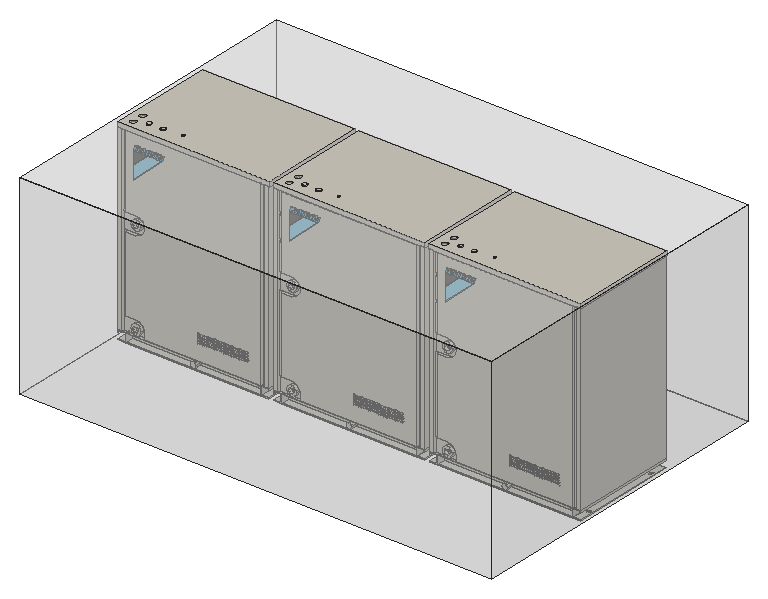
Revit family "outputfile", category 機械設備, Revit 2024 (continued)
Definition of nested family "DAIKIN_outdoorunit_RWEYQ-TYM"
  Definition of nested family "outdoorunit_frontpanel"
    Dimensions and locks
      locked: Extrusion 3 sketch curve to Extrusion 3 sketch curve at 390
      locked: plane 6 to Extrusion 4 sketch curve at 2
      locked: plane 10 "Center L/T" to plane 1 "Center (Front/Back)" at 5
      aligned and locked: level to plane 2 "Bottom"
      aligned and locked: plane 8 "Left" to Extrusion 1 sketch curve
      aligned and locked: Extrusion 1 sketch curve to plane 4 "Back"
      aligned and locked: plane 5 "Front" to Extrusion 1 sketch curve
      aligned and locked: Extrusion 1 to plane 2 "Bottom"
      aligned and locked: plane 7 "Top" to Extrusion 1
      aligned and locked: plane 3 to plane 8 "Left"
      aligned and locked: plane 8 "Left" to Extrusion 2 sketch curve
      aligned and locked: Extrusion 2 sketch curve to plane 7 "Top"
      aligned and locked: plane 2 "Bottom" to Extrusion 2 sketch curve
      aligned and locked: Extrusion 2 sketch curve to plane 2 "Bottom"
      aligned and locked: plane 6 to Extrusion 2 sketch curve
      aligned and locked: plane 7 "Top" to Extrusion 2 sketch curve
      aligned and locked: Extrusion 2 to plane 1 "Center (Front/Back)"
      aligned and locked: plane 9 "Center L/S" to Extrusion 3
      aligned and locked: Extrusion 4 sketch curve to plane 7 "Top"
      aligned and locked: plane 2 "Bottom" to Extrusion 4 sketch curve
      aligned and locked: Extrusion 4 to plane 9 "Center L/S"
      aligned and locked: Extrusion 5 to plane 5 "Front"
      aligned and locked: plane 9 "Center L/S" to Extrusion 5
      aligned and locked: Extrusion 6 to plane 10 "Center L/T"
    Automatic sketch dimensions
      Extrusion 1 sketch curve to plane 6 = 0.0 mm
      Extrusion 3 sketch curve to plane 7 "Top" = 0.0 mm
      plane 3 to Extrusion 3 sketch curve = 2.0 mm  (x4)
      plane 3 to Extrusion 3 sketch curve = 10.5 mm
      Extrusion 3 sketch curve to Extrusion 3 sketch curve = 71.0 mm
      level to Extrusion 3 sketch curve = 31.0 mm
      Extrusion 3 sketch curve to plane 3 = 33.0 mm
      plane 6 to Extrusion 4 sketch curve = 236.161 mm
      Extrusion 5 sketch curve to Extrusion 5 sketch curve = 0.0 mm  (x4)
      plane 3 to Extrusion 5 sketch curve = 73.0 mm  (x2)
      level to Extrusion 5 sketch curve = 31.0 mm
      Extrusion 5 sketch curve to plane 7 "Top" = 420.0 mm
      level to Extrusion 6 sketch curve = 131.0 mm
      Extrusion 6 sketch curve to plane 6 = 345.2 mm
      Extrusion 6 sketch curve to Extrusion 6 sketch curve = 0.0 mm  (x40)
      Extrusion 6 sketch curve to Extrusion 6 sketch curve = 42.7 mm  (x2)
      Extrusion 6 sketch curve to Extrusion 6 sketch curve = 1.0 mm  (x32)
      Extrusion 6 sketch curve to Extrusion 6 sketch curve = 42.2 mm  (x4)
      Extrusion 6 sketch curve to Extrusion 6 sketch curve = 12.25 mm  (x7)
      Extrusion 6 sketch curve to Extrusion 6 sketch curve = 11.75 mm  (x9)
      radius of Extrusion 5 sketch curve = 25.0 mm  (x2)
      radius of Extrusion 5 sketch curve = 15.5 mm  (x2)
  Definition of nested family "outdoorunit_rightpanel1"
    Parameters (values of type "frontpanel1")
      width = 550.0 mm
      material [instance] = none
      height1 = 931.0 mm
      depth = 20.0 mm
      Default Elevation = 0.0 mm
    Reference planes
      plane 1 "Center (Front/Back)": y = 0
      plane 2 "Bottom": z = 0
      plane 3: x = 0
      plane 4 "Back": y = 10
      plane 5 "Front": y = -10
      plane 6: x = 550
      plane 7 "Top": z = 931
      plane 8 "Left": x = 0
      plane 9: y = -8.75
      plane 10: z = 639
      plane 11: y = -5.75
      plane 12: y = -2.551
      plane 13: y = -13
      plane 14: x = 275
    Forms (mm)
      Extrusion 1, solid, material <- "material"
        sketch origin (0, 0, 0) x (1, 0, 0) y (0, 1, 0)
          loop
            line (0, 10) -> (0, -10) -> (550, -10) -> (550, 10) -> (0, 10)
        from 0 to 931
    Dimensions and locks
      equal spacing: plane 4 "Back", plane 1 "Center (Front/Back)", plane 5 "Front"
      "depth": plane 4 "Back" to plane 5 "Front"
      "width": plane 8 "Left" to plane 6
      "height1": plane 7 "Top" to plane 2 "Bottom"
      locked: plane 10 to plane 2 "Bottom" at 639
      locked: plane 12 to plane 11 at 3.199
      plane 5 "Front" to plane 13 = 3.0 mm
      equal spacing: plane 8 "Left", plane 14, plane 6
      aligned and locked: level to plane 2 "Bottom"
      aligned and locked: plane 8 "Left" to Extrusion 1 sketch curve
      aligned and locked: Extrusion 1 sketch curve to plane 4 "Back"
      aligned and locked: plane 5 "Front" to Extrusion 1 sketch curve
      aligned and locked: Extrusion 1 to plane 2 "Bottom"
      aligned and locked: plane 7 "Top" to Extrusion 1
      aligned and locked: plane 3 to plane 8 "Left"
    Automatic sketch dimensions
      Extrusion 1 sketch curve to plane 6 = 0.0 mm
  Definition of nested family "outdoorunit_backpanel"
    Parameters (values of type "frontpanel1")
      width = 736.0 mm
      material [instance] = none
      height1 = 931.0 mm
      depth = 20.0 mm
      Default Elevation = 0.0 mm
    Reference planes
      plane 1 "Center (Front/Back)": y = 0
      plane 2 "Bottom": z = 0
      plane 3: x = 0
      plane 4 "Back": y = 10
      plane 5 "Front": y = -10
      plane 6: x = 736
      plane 7 "Top": z = 931
      plane 8 "Left": x = 0
      plane 9: z = 639
      plane 10: x = 368
    Forms (mm)
      Extrusion 1, solid, material <- "material"
        sketch origin (0, 0, 0) x (1, 0, 0) y (0, 1, 0)
          loop
            line (0, 10) -> (0, -10) -> (736, -10) -> (736, 10) -> (0, 10)
        from 0 to 931
      Extrusion 2, void
        sketch origin (0, 0, 0) x (1, 0, 0) y (0, 1, 0)
          loop
            line (0, -4) -> (0, -10) -> (21, -10) -> (21, -7) -> (2, -7) -> (2, -4) -> (0, -4)
          loop
            line (736, -4) -> (734, -4) -> (734, -7) -> (715, -7) -> (715, -10) -> (736, -10) -> (736, -4)
        from 0 to 931
    Cuts and joins
      Extrusion 2 cuts Extrusion 1
    Dimensions and locks
      equal spacing: plane 4 "Back", plane 1 "Center (Front/Back)", plane 5 "Front"
      "depth": plane 4 "Back" to plane 5 "Front"
      "width": plane 8 "Left" to plane 6
      "height1": plane 7 "Top" to plane 2 "Bottom"
      locked: plane 9 to plane 2 "Bottom" at 639
      equal spacing: plane 8 "Left", plane 10, plane 6
      aligned and locked: level to plane 2 "Bottom"
      aligned and locked: plane 8 "Left" to Extrusion 1 sketch curve
      aligned and locked: Extrusion 1 sketch curve to plane 4 "Back"
      aligned and locked: plane 5 "Front" to Extrusion 1 sketch curve
      aligned and locked: Extrusion 1 to plane 2 "Bottom"
      aligned and locked: plane 7 "Top" to Extrusion 1
      aligned and locked: plane 3 to plane 8 "Left"
    Automatic sketch dimensions
      Extrusion 1 sketch curve to plane 6 = 0.0 mm
      Extrusion 2 sketch curve to plane 3 = 0.0 mm
      Extrusion 2 sketch curve to plane 5 "Front" = 0.0 mm  (x2)
      Extrusion 2 sketch curve to plane 6 = 0.0 mm
      plane 3 to Extrusion 2 sketch curve = 2.0 mm
      Extrusion 2 sketch curve to Extrusion 2 sketch curve = 19.0 mm
      Extrusion 2 sketch curve to Extrusion 2 sketch curve = 21.0 mm
      Extrusion 2 sketch curve to plane 6 = 2.0 mm
      Extrusion 2 sketch curve to Extrusion 2 sketch curve = 3.0 mm  (x4)
  Definition of nested family "outdoorunit_leftpanel"
    Parameters (values of type "frontpanel1")
      width = 550.0 mm
      material [instance] = none
      height1 = 931.0 mm
      depth = 20.0 mm
      Default Elevation = 0.0 mm
    Reference planes
      plane 1 "Center (Front/Back)": y = 0
      plane 2 "Bottom": z = 0
      plane 3: x = 0
      plane 4 "Back": y = 10
      plane 5 "Front": y = -10
      plane 6: x = 550
      plane 7 "Top": z = 931
      plane 8 "Left": x = 0
      plane 9: y = -8.75
      plane 10: z = 639
      plane 11: y = -5.75
      plane 12: y = -2.551
      plane 13: y = -13
      plane 14: x = 275
    Forms (mm)
      Extrusion 1, solid, material <- "material"
        sketch origin (0, 0, 0) x (1, 0, 0) y (0, 1, 0)
          loop
            line (0, 10) -> (0, -10) -> (550, -10) -> (550, 10) -> (0, 10)
        from 0 to 931
    Dimensions and locks
      equal spacing: plane 4 "Back", plane 1 "Center (Front/Back)", plane 5 "Front"
      "depth": plane 4 "Back" to plane 5 "Front"
      "width": plane 8 "Left" to plane 6
      "height1": plane 7 "Top" to plane 2 "Bottom"
      locked: plane 10 to plane 2 "Bottom" at 639
      locked: plane 12 to plane 11 at 3.199
      plane 5 "Front" to plane 13 = 3.0 mm
      equal spacing: plane 8 "Left", plane 14, plane 6
      aligned and locked: level to plane 2 "Bottom"
      aligned and locked: plane 8 "Left" to Extrusion 1 sketch curve
      aligned and locked: Extrusion 1 sketch curve to plane 4 "Back"
      aligned and locked: plane 5 "Front" to Extrusion 1 sketch curve
      aligned and locked: Extrusion 1 to plane 2 "Bottom"
      aligned and locked: plane 7 "Top" to Extrusion 1
      aligned and locked: plane 3 to plane 8 "Left"
    Automatic sketch dimensions
      Extrusion 1 sketch curve to plane 6 = 0.0 mm
  Definition of nested family "outdoorunit_uppanel"
    Parameters (values of type "frontpanel1")
      width = 780.0 mm
      material [instance] = none
      height1 = 550.0 mm
      depth = 24.0 mm
      Default Elevation = 0.0 mm
    Reference planes
      plane 1 "Center (Front/Back)": y = 0
      plane 2 "Bottom": z = 0
      plane 3: x = 0
      plane 4 "Back": y = 12
      plane 5 "Front": y = -12
      plane 6: x = 780
      plane 7 "Top": z = 550
      plane 8 "Left": x = 0
      plane 9: y = -8.75
      plane 10: z = 639
      plane 11: y = -5.75
      plane 12: y = -2.551
    Forms (mm)
      Extrusion 1, solid, material <- "material"
        sketch origin (0, 0, 0) x (1, 0, 0) y (0, 1, 0)
          loop
            line (0, 12) -> (0, -12) -> (780, -12) -> (780, 12) -> (0, 12)
        from 0 to 550
      Extrusion 2, void
        sketch origin (0, 0, 0) x (1, 0, 0) y (0, 0, 1)
          loop
            circle (51, 38) r 14.5
          loop
            circle (51, 98) r 14.5
        from 9 to 12
    Cuts and joins
      Extrusion 2 cuts Extrusion 1
    Dimensions and locks
      equal spacing: plane 4 "Back", plane 1 "Center (Front/Back)", plane 5 "Front"
      "depth": plane 4 "Back" to plane 5 "Front"
      "width": plane 8 "Left" to plane 6
      "height1": plane 7 "Top" to plane 2 "Bottom"
      locked: plane 10 to plane 2 "Bottom" at 639
      locked: Extrusion 2 sketch curve to plane 8 "Left" at 51  (x2)
      locked: Extrusion 2 sketch curve to level at 38
      locked: Extrusion 2 sketch curve to Extrusion 2 sketch curve at 60
      aligned and locked: level to plane 2 "Bottom"
      aligned and locked: plane 8 "Left" to Extrusion 1 sketch curve
      aligned and locked: Extrusion 1 sketch curve to plane 4 "Back"
      aligned and locked: Extrusion 1 sketch curve to plane 5 "Front"
      aligned and locked: Extrusion 1 to plane 2 "Bottom"
      aligned and locked: plane 7 "Top" to Extrusion 1
      aligned and locked: plane 3 to plane 8 "Left"
    Automatic sketch dimensions
      Extrusion 1 sketch curve to plane 6 = 0.0 mm
      radius of Extrusion 2 sketch curve = 14.5 mm  (x2)
  Definition of nested family "outdoorunit_downpanel"
    Parameters (values of type "frontpanel1")
      width = 736.0 mm
      material [instance] = none
      height1 = 510.0 mm
      depth = 20.0 mm
      Default Elevation = 0.0 mm
    Reference planes
      plane 1 "Center (Front/Back)": y = 0
      plane 2 "Bottom": z = 0
      plane 3: x = 0
      plane 4 "Back": y = 10
      plane 5 "Front": y = -10
      plane 6: x = 736
      plane 7 "Top": z = 510
      plane 8 "Left": x = 0
      plane 9: z = 255
      plane 10: y = -18
      plane 11: y = 6
      plane 12: y = 8
      plane 13: x = 368
    Forms (mm)
      Extrusion 1, solid, material <- "material"
        sketch origin (0, 0, 0) x (1, 0, 0) y (0, 1, 0)
          loop
            line (0, 10) -> (0, -10) -> (736, -10) -> (736, 10) -> (0, 10)
        from 0 to 510
    Dimensions and locks
      equal spacing: plane 4 "Back", plane 1 "Center (Front/Back)", plane 5 "Front"
      "depth": plane 4 "Back" to plane 5 "Front"
      "width": plane 8 "Left" to plane 6
      "height1": plane 7 "Top" to plane 2 "Bottom"
      plane 4 "Back" to plane 11 = 4.0 mm
      plane 4 "Back" to plane 12 = 2.0 mm
      equal spacing: plane 8 "Left", plane 13, plane 6
      equal spacing: plane 7 "Top", plane 9, plane 2 "Bottom"
      aligned and locked: level to plane 2 "Bottom"
      aligned and locked: plane 8 "Left" to Extrusion 1 sketch curve
      aligned and locked: Extrusion 1 sketch curve to plane 4 "Back"
      aligned and locked: plane 5 "Front" to Extrusion 1 sketch curve
      aligned and locked: Extrusion 1 to plane 2 "Bottom"
      aligned and locked: plane 7 "Top" to Extrusion 1
      aligned and locked: plane 3 to plane 8 "Left"
    Automatic sketch dimensions
      Extrusion 1 sketch curve to plane 6 = 0.0 mm
  Definition of nested family "daikin_mountinghole"
    Parameters (values of type "daikin_mountinghole")
      Default Elevation = 1219.2 mm
      Type Comments = "mountinghole"
      show [instance] = yes
      material = none
      l_centerline = 100.0 mm
      l_antenna [instance] = 100.0 mm
      h_mountinghole [instance] = 0.0 mm
      d_circle = 30.0 mm
      Link_Nested Family [instance] = ""
    Reference planes
      plane 1 "Center (Front/Back)": y = 0
      plane 2: z = 0
      plane 3 "Center (Left/Right)": x = 0
      plane 4: y = 50
      plane 5: x = -50
      plane 6: x = 50
      plane 7: y = -50
      plane 8 "h_mountinghole": z = 0
      plane 9: z = 100
    Lines and regions (mm)
      model lines, detail levels fine
        curve 1: circle (0, 0, 0) r 15 normal (0, 0, 1)
        curve 2: line (-50, 0, 0) -> (50, 0, 0)
        curve 3: line (0, 50, 0) -> (0, -50, 0)
      symbolic lines, detail levels fine
        curve 4: circle (0, 0, 0) r 15 normal (0, 0, 1)
        curve 5: line (-50, 0, 0) -> (50, 0, 0)
        curve 6: line (0, 50, 0) -> (0, -50, 0)
      model lines
        curve 7: line (0, 0, 100) -> (0, 0, 0)
    Dimensions and locks
      equal spacing: plane 4, plane 1 "Center (Front/Back)", plane 7
      "l_centerline": plane 4 to plane 7
      equal spacing: plane 5, plane 3 "Center (Left/Right)", plane 6
      "l_centerline": plane 5 to plane 6
      "l_antenna": plane 9 to plane 8 "h_mountinghole"
      "h_mountinghole": plane 8 "h_mountinghole" to plane 2
      "d_circle": diameter of curve 1
      "d_circle": diameter of curve 4
      aligned and locked: level to plane 2
      aligned and locked: plane 1 "Center (Front/Back)" to curve 1
      aligned and locked: plane 3 "Center (Left/Right)" to curve 1
      aligned and locked: plane 1 "Center (Front/Back)" to curve 2
      aligned and locked: curve 3 to plane 3 "Center (Left/Right)"
      aligned and locked: plane 6 to curve 2
      aligned and locked: plane 5 to curve 2
      aligned and locked: plane 4 to curve 3
      aligned and locked: plane 7 to curve 3
      aligned and locked: plane 1 "Center (Front/Back)" to curve 4
      aligned and locked: plane 3 "Center (Left/Right)" to curve 4
      aligned and locked: plane 6 to curve 5
      aligned and locked: plane 5 to curve 5
      aligned and locked: plane 1 "Center (Front/Back)" to curve 5
      aligned and locked: plane 4 to curve 6
      aligned and locked: plane 7 to curve 6
      aligned and locked: curve 6 to plane 3 "Center (Left/Right)"
      aligned and locked: curve 7 to plane 3 "Center (Left/Right)"
      aligned and locked: plane 9 to curve 7
      aligned and locked: plane 8 "h_mountinghole" to curve 7
Definition of nested family "daikin_clearancespace"
  Parameters (values of type "daikin_clearancespace")
    Description = "daikin_clearancespace"
    width [instance] = 1823.963 mm
    show [instance] = yes
    material = none
    height [instance] = 1359.762 mm
    depth [instance] = 880.0 mm
    Default Elevation = 0.0 mm
    Link_Nested Family [instance] = ""
  Reference planes
    plane 1 "Center (Front/Back)": y = 0
    plane 2 "Center (Elevation)": z = -0.119
    plane 3 "Center (Left/Right)": x = 0
    plane 4: y = 440
    plane 5: y = -440
    plane 6 "Right": x = 911.982
    plane 7 "Left": x = -911.982
    plane 8 "Top": z = 679.762
    plane 9 "Bottom": z = -680
  Forms (mm)
    Extrusion 1, solid, material <- "material", visible <- "show"
      sketch origin (0, 0, 0) x (1, 0, 0) y (0, 1, 0)
        loop
          line (-911.982, 440) -> (-911.982, -440) -> (911.982, -440) -> (911.982, 440) -> (-911.982, 440)
      from -680 to 679.762
  Lines and regions (mm)
    symbolic lines, visible <- "show"
      curve 1: line (911.982, 440, 0) -> (-911.982, 440, 0)
      curve 2: line (-911.982, 440, 0) -> (-911.982, -440, 0)
      curve 3: line (-911.982, -440, 0) -> (911.982, -440, 0)
      curve 4: line (911.982, -440, 0) -> (911.982, 440, 0)
      curve 5: line (911.982, 0, 679.762) -> (-911.982, 0, 679.762)
      curve 6: line (911.982, 0, -680) -> (911.982, 0, 679.762)
      curve 7: line (-911.982, 0, -680) -> (911.982, 0, -680)
      curve 8: line (-911.982, 0, 679.762) -> (-911.982, 0, -680)
      curve 9: line (0, 440, 679.762) -> (0, -440, 679.762)
      curve 10: line (0, -440, 679.762) -> (0, -440, -680)
      curve 11: line (0, 440, -680) -> (0, 440, 679.762)
      curve 12: line (0, -440, -680) -> (0, 440, -680)
  Dimensions and locks
    "width": plane 7 "Left" to plane 6 "Right"
    "depth": plane 4 to plane 5
    "height": plane 8 "Top" to plane 9 "Bottom"
    equal spacing: plane 7 "Left", plane 3 "Center (Left/Right)", plane 6 "Right"
    equal spacing: plane 4, plane 1 "Center (Front/Back)", plane 5
    equal spacing: plane 8 "Top", plane 2 "Center (Elevation)", plane 9 "Bottom"
    aligned and locked: level to plane 2 "Center (Elevation)"
    aligned and locked: Extrusion 1 sketch curve to plane 4
    aligned and locked: plane 7 "Left" to Extrusion 1 sketch curve
    aligned and locked: Extrusion 1 sketch curve to plane 5
    aligned and locked: Extrusion 1 sketch curve to plane 6 "Right"
    aligned and locked: plane 8 "Top" to Extrusion 1
    aligned and locked: curve 1 to Extrusion 1
    aligned and locked: curve 2 to Extrusion 1
    aligned and locked: curve 3 to Extrusion 1
    aligned and locked: curve 4 to Extrusion 1
    aligned and locked: curve 5 to Extrusion 1
    aligned and locked: curve 6 to Extrusion 1
    aligned and locked: curve 7 to Extrusion 1
    aligned and locked: curve 8 to Extrusion 1
    aligned and locked: curve 9 to Extrusion 1
    aligned and locked: curve 10 to Extrusion 1
    aligned and locked: curve 11 to Extrusion 1
    aligned and locked: curve 12 to Extrusion 1
    aligned and locked: Extrusion 1 to plane 9 "Bottom"
Definition of nested family "daikin_logo_elevation_w150"
  Parameters (values of type "daikin_logo_elevation_w150")
    width = 150.0 mm
    show_logo [instance] = yes
    material = none
    height = 180.0 mm
    depth = 5.0 mm
    Default Elevation = 0.0 mm
  Reference planes
    plane 1 "Center (Front/Back)": y = 0
    plane 2: z = 0
    plane 3 "Center (Left/Right)": x = 0
    plane 4 "top": z = 180
    plane 5: z = 155.432
    plane 6 "left": x = -90
    plane 7 "right": x = 60
    plane 8: y = -5
  Forms (mm)
    Extrusion 1, solid, visible <- "show_logo"
      sketch origin (0, 0, 0) x (1, 0, 0) y (0, 0, 1)
        loop
          line (-90, 22.832) -> (54.211, 155.432) -> (-19.804, 155.432) -> (-90, 91.131) -> (-90, 22.832)
      from 0 to 5
    Extrusion 2, solid, visible <- "show_logo"
      sketch origin (0, 0, 0) x (1, 0, 0) y (0, 0, 1)
        loop
          line (-90, 155.432) -> (-90, 91.131) -> (-19.804, 155.432) -> (-90, 155.432)
      from 0 to 5
    Extrusion 3, solid, visible <- "show_logo"
      sketch origin (0, 0, 0) x (1, 0, 0) y (0, 0, 1)
        loop
          line (-73.294, 180) -> (-84.431, 180) -> (-90, 157.726) -> (-73.294, 157.726)
          arc (-73.294, 157.726) -> (-66.673, 159.069) -> (-61.582, 163.51) r 13.209
          arc (-61.582, 163.51) -> (-59.344, 169.288) -> (-60.109, 175.436) r 12.685
          arc (-60.109, 175.436) -> (-61.683, 177.678) -> (-64.031, 179.088) r 6.606
          arc (-64.031, 179.088) -> (-68.629, 179.878) -> (-73.294, 180) r 32.396
        loop
          line (-78.863, 162.18) -> (-74.408, 162.18)
          arc (-74.408, 162.18) -> (-70.986, 164.473) -> (-69.002, 168.082) r 8.708
          arc (-69.002, 168.082) -> (-68.734, 170.84) -> (-69.386, 173.533) r 8.337
          arc (-69.386, 173.533) -> (-70.358, 174.487) -> (-71.624, 174.988) r 3.442
          line (-71.624, 174.988) -> (-76.078, 174.988) -> (-78.863, 162.18)
        loop
          line (-61.043, 157.726) -> (-54.918, 157.726) -> (-52.829, 161.624) -> (-44.059, 161.624) -> (-43.223, 157.726) -> (-33.2, 157.726) -> (-37.655, 180) -> (-48.792, 180) -> (-61.043, 157.726)
        loop
          line (-50.145, 166.635) -> (-45.133, 166.635) -> (-46.565, 173.318) -> (-50.145, 166.635)
        loop
          line (-24.847, 180) -> (-30.416, 157.726) -> (-20.949, 157.726) -> (-15.38, 180) -> (-24.847, 180)
        loop
          line (-15.38, 157.726) -> (-5.914, 157.726) -> (-4.4, 163.779) -> (0.212, 157.726) -> (11.906, 157.726) -> (2.996, 169.42) -> (15.804, 180) -> (5.78, 180) -> (-1.94, 173.623) -> (-0.345, 180) -> (-9.812, 180) -> (-15.38, 157.726)
        loop
          line (20.259, 180) -> (14.133, 157.726) -> (24.157, 157.726) -> (29.725, 180) -> (20.259, 180)
        loop
          line (29.725, 157.726) -> (36.408, 157.726) -> (39.555, 170.315) -> (43.647, 157.726) -> (54.784, 157.726) -> (60.353, 180) -> (53.671, 180) -> (50.281, 166.442) -> (45.874, 180) -> (35.294, 180) -> (29.725, 157.726)
      from 0 to 5
  Dimensions and locks
    "height": plane 4 "top" to plane 2
    locked: plane 4 "top" to plane 5 at 24.568
    "width": plane 6 "left" to plane 7 "right"
    "depth": plane 8 to plane 1 "Center (Front/Back)"
    aligned and locked: level to plane 2
    aligned and locked: plane 4 "top" to Extrusion 3  (x8)
    aligned and locked: plane 5 to Extrusion 1
    aligned and locked: plane 5 to Extrusion 2
    aligned and locked: plane 6 "left" to Extrusion 2
    aligned and locked: plane 6 "left" to Extrusion 1
    aligned and locked: Extrusion 3 to plane 8
    aligned and locked: Extrusion 1 to plane 8
    aligned and locked: Extrusion 2 to plane 8
  Automatic sketch dimensions
    level to Extrusion 1 sketch curve = 22.832 mm
    Extrusion 1 sketch curve to Extrusion 1 sketch curve = 68.298 mm
    Extrusion 1 sketch curve to plane 4 "top" = 24.568 mm
    Extrusion 1 sketch curve to plane 3 "Center (Left/Right)" = 19.804 mm
    Extrusion 2 sketch curve to plane 4 "top" = 24.568 mm
    Extrusion 2 sketch curve to plane 3 "Center (Left/Right)" = 19.804 mm
    Extrusion 2 sketch curve to Extrusion 2 sketch curve = 64.302 mm
    Extrusion 3 sketch curve to plane 4 "top" = 0.0 mm  (x8)
    Extrusion 3 sketch curve to plane 4 "top" = 0.912 mm
    Extrusion 3 sketch curve to Extrusion 3 sketch curve = 2.154 mm
    Extrusion 3 sketch curve to Extrusion 3 sketch curve = 6.245 mm
    Extrusion 3 sketch curve to plane 4 "top" = 4.564 mm
    Extrusion 3 sketch curve to Extrusion 3 sketch curve = 5.748 mm
    Extrusion 3 sketch curve to Extrusion 3 sketch curve = 2.001 mm
    Extrusion 3 sketch curve to Extrusion 3 sketch curve = 4.603 mm
    Extrusion 3 sketch curve to Extrusion 3 sketch curve = 0.59 mm
    Extrusion 3 sketch curve to Extrusion 3 sketch curve = 0.07 mm
    Extrusion 3 sketch curve to Extrusion 3 sketch curve = 1.49 mm
    Extrusion 3 sketch curve to plane 4 "top" = 5.012 mm
    Extrusion 3 sketch curve to Extrusion 3 sketch curve = 3.556 mm
    Extrusion 3 sketch curve to Extrusion 3 sketch curve = 5.569 mm  (x3)
    Extrusion 3 sketch curve to Extrusion 3 sketch curve = 0.309 mm
    Extrusion 3 sketch curve to Extrusion 3 sketch curve = 4.455 mm  (x4)
    Extrusion 3 sketch curve to Extrusion 3 sketch curve = 0.288 mm
    Extrusion 3 sketch curve to Extrusion 3 sketch curve = 0.689 mm
    Extrusion 3 sketch curve to Extrusion 3 sketch curve = 2.238 mm
    Extrusion 3 sketch curve to Extrusion 3 sketch curve = 4.528 mm
    Extrusion 3 sketch curve to Extrusion 3 sketch curve = 0.658 mm
    Extrusion 3 sketch curve to Extrusion 3 sketch curve = 2.931 mm
    Extrusion 3 sketch curve to Extrusion 3 sketch curve = 0.357 mm
    Extrusion 3 sketch curve to Extrusion 3 sketch curve = 0.101 mm
    Extrusion 3 sketch curve to Extrusion 3 sketch curve = 11.317 mm
    Extrusion 3 sketch curve to Extrusion 3 sketch curve = 0.539 mm
    Extrusion 3 sketch curve to Extrusion 3 sketch curve = 11.137 mm  (x2)
    Extrusion 3 sketch curve to Extrusion 3 sketch curve = 5.784 mm
    Extrusion 3 sketch curve to Extrusion 3 sketch curve = 10.024 mm  (x3)
    Extrusion 3 sketch curve to Extrusion 3 sketch curve = 0.835 mm
    Extrusion 3 sketch curve to Extrusion 3 sketch curve = 8.771 mm
    Extrusion 3 sketch curve to Extrusion 3 sketch curve = 2.088 mm
    Extrusion 3 sketch curve to Extrusion 3 sketch curve = 3.898 mm
    Extrusion 3 sketch curve to plane 4 "top" = 6.682 mm
    Extrusion 3 sketch curve to Extrusion 3 sketch curve = 2.227 mm  (x2)
    Extrusion 3 sketch curve to Extrusion 3 sketch curve = 2.685 mm
    Extrusion 3 sketch curve to plane 4 "top" = 13.365 mm
    Extrusion 3 sketch curve to Extrusion 3 sketch curve = 5.012 mm
    Extrusion 3 sketch curve to Extrusion 3 sketch curve = 12.808 mm
    Extrusion 3 sketch curve to Extrusion 3 sketch curve = 2.784 mm
    Extrusion 3 sketch curve to Extrusion 3 sketch curve = 9.467 mm  (x4)
    Extrusion 3 sketch curve to Extrusion 3 sketch curve = 0.0 mm  (x5)
    Extrusion 3 sketch curve to Extrusion 3 sketch curve = 5.568 mm  (x2)
    Extrusion 3 sketch curve to plane 3 "Center (Left/Right)" = 0.345 mm
    Extrusion 3 sketch curve to plane 3 "Center (Left/Right)" = 1.94 mm
    Extrusion 3 sketch curve to plane 4 "top" = 6.377 mm
    plane 3 "Center (Left/Right)" to Extrusion 3 sketch curve = 5.78 mm
    plane 3 "Center (Left/Right)" to Extrusion 3 sketch curve = 2.996 mm
    Extrusion 3 sketch curve to Extrusion 3 sketch curve = 4.203 mm
    plane 3 "Center (Left/Right)" to Extrusion 3 sketch curve = 11.906 mm
    Extrusion 3 sketch curve to Extrusion 3 sketch curve = 11.694 mm
    plane 3 "Center (Left/Right)" to Extrusion 3 sketch curve = 0.212 mm
    Extrusion 3 sketch curve to plane 3 "Center (Left/Right)" = 4.4 mm
    Extrusion 3 sketch curve to Extrusion 3 sketch curve = 6.053 mm
    Extrusion 3 sketch curve to plane 3 "Center (Left/Right)" = 5.914 mm
    Extrusion 3 sketch curve to Extrusion 3 sketch curve = 10.581 mm
    Extrusion 3 sketch curve to plane 4 "top" = 13.558 mm
    Extrusion 3 sketch curve to Extrusion 3 sketch curve = 4.406 mm
    Extrusion 3 sketch curve to Extrusion 3 sketch curve = 7.796 mm
    Extrusion 3 sketch curve to Extrusion 3 sketch curve = 6.682 mm  (x2)
    Extrusion 3 sketch curve to Extrusion 3 sketch curve = 4.503 mm
    Extrusion 3 sketch curve to Extrusion 3 sketch curve = 8.716 mm
    Extrusion 3 sketch curve to Extrusion 3 sketch curve = 6.634 mm
    Extrusion 3 sketch curve to plane 4 "top" = 9.685 mm
    Extrusion 3 sketch curve to Extrusion 3 sketch curve = 4.261 mm
    Extrusion 3 sketch curve to Extrusion 3 sketch curve = 1.67 mm
    Extrusion 3 sketch curve to Extrusion 3 sketch curve = 8.353 mm
    Extrusion 1 sketch curve to plane 3 "Center (Left/Right)" = 90.0 mm
    Extrusion 2 sketch curve to Extrusion 2 sketch curve = 70.196 mm
    plane 3 "Center (Left/Right)" to Extrusion 1 sketch curve = 54.211 mm
Definition of nested family "daikin_mountinghole"
  Parameters (values of type "daikin_mountinghole")
    Default Elevation = 1219.2 mm
    Type Comments = "mountinghole"
    show [instance] = yes
    material = none
    l_centerline = 100.0 mm
    l_antenna [instance] = 100.0 mm
    h_mountinghole [instance] = 0.0 mm
    d_circle = 30.0 mm
    Link_Nested Family [instance] = ""
  Reference planes
    plane 1 "Center (Front/Back)": y = 0
    plane 2: z = 0
    plane 3 "Center (Left/Right)": x = 0
    plane 4: y = 50
    plane 5: x = -50
    plane 6: x = 50
    plane 7: y = -50
    plane 8 "h_mountinghole": z = 0
    plane 9: z = 100
  Lines and regions (mm)
    model lines, detail levels fine
      curve 1: circle (0, 0, 0) r 15 normal (0, 0, 1)
      curve 2: line (-50, 0, 0) -> (50, 0, 0)
      curve 3: line (0, 50, 0) -> (0, -50, 0)
    symbolic lines, detail levels fine
      curve 4: circle (0, 0, 0) r 15 normal (0, 0, 1)
      curve 5: line (-50, 0, 0) -> (50, 0, 0)
      curve 6: line (0, 50, 0) -> (0, -50, 0)
    model lines
      curve 7: line (0, 0, 100) -> (0, 0, 0)
  Dimensions and locks
    equal spacing: plane 4, plane 1 "Center (Front/Back)", plane 7
    "l_centerline": plane 4 to plane 7
    equal spacing: plane 5, plane 3 "Center (Left/Right)", plane 6
    "l_centerline": plane 5 to plane 6
    "l_antenna": plane 9 to plane 8 "h_mountinghole"
    "h_mountinghole": plane 8 "h_mountinghole" to plane 2
    "d_circle": diameter of curve 1
    "d_circle": diameter of curve 4
    aligned and locked: level to plane 2
    aligned and locked: plane 1 "Center (Front/Back)" to curve 1
    aligned and locked: plane 3 "Center (Left/Right)" to curve 1
    aligned and locked: plane 1 "Center (Front/Back)" to curve 2
    aligned and locked: curve 3 to plane 3 "Center (Left/Right)"
    aligned and locked: plane 6 to curve 2
    aligned and locked: plane 5 to curve 2
    aligned and locked: plane 4 to curve 3
    aligned and locked: plane 7 to curve 3
    aligned and locked: plane 1 "Center (Front/Back)" to curve 4
    aligned and locked: plane 3 "Center (Left/Right)" to curve 4
    aligned and locked: plane 6 to curve 5
    aligned and locked: plane 5 to curve 5
    aligned and locked: plane 1 "Center (Front/Back)" to curve 5
    aligned and locked: plane 4 to curve 6
    aligned and locked: plane 7 to curve 6
    aligned and locked: curve 6 to plane 3 "Center (Left/Right)"
    aligned and locked: curve 7 to plane 3 "Center (Left/Right)"
    aligned and locked: plane 9 to curve 7
    aligned and locked: plane 8 "h_mountinghole" to curve 7
Definition of nested family "daikin_connector_rotate3"
  Parameters (values of type "daikin_connector_rotate3")
    show [instance] = yes
    radius [instance] = 10.0 mm
    length [instance] = 600.0 mm
    angle_horizontal [instance] = 60.00°
    angle_vertical [instance] = 90.00°
    Default Elevation = 0.0 mm
  Reference planes
    plane 1 "Center (Front/Back)": y = 0
    plane 2: z = 0
    plane 3 "Center (Left/Right)": x = 0
  Dimensions and locks
    "angle_horizontal": angle plane 3 "Center (Left/Right)" to nested 1
    aligned and locked: level to plane 2
    aligned and locked: plane 1 "Center (Front/Back)" to nested 1  (x2)
    aligned and locked: plane 3 "Center (Left/Right)" to nested 1
  Nested families
    nested 1: "daikin_connector_rotate2" at (0, 0, 0) x (0.5, 0.866, 0) z (0, 0, 1), angle_vertical <- "angle_vertical", length <- "length", radius <- "radius", type "daikin_connector_rotate2"
      with radius 10.0 mm, length 600.0 mm, angle_vertical 90.00°
  Definition of nested family "daikin_connector_rotate2"
    Parameters (values of type "daikin_connector_rotate2")
      show_face = yes
      radius [instance] = 10.0 mm
      length [instance] = 600.0 mm
      d_surface = 10.0 mm
      angle_vertical [instance] = 90.00°
      Default Elevation = 0.0 mm
    Reference planes
      plane 1 "Center (Front/Back)": y = 0
      plane 2: z = 0
      plane 3 "Center (Left/Right)": x = 0
    Forms (mm)
      Extrusion 1, solid, visible <- "show_face"
        sketch origin (0, -600, 0) x (1, 0, 0) y (0, 0, 1)
          loop
            circle (0, 0) r 10
        from 0 to -10
    Lines and regions (mm)
      reference lines
        curve 1: line (0, 0, 0) -> (0, -600, 0)
      symbolic lines
        curve 2: circle (0, 0, 0) r 5 normal (0, 0, 1)
      model lines, visible <- "show_face"
        curve 3: line (0, 0, 0) -> (0, -600, 0)
    Dimensions and locks
      "length": curve 1 to curve 1
      "length": curve 3 to curve 3
      "d_surface": Extrusion 1 to Extrusion 1
      "radius": radius of Extrusion 1 sketch curve
      "angle_vertical": angle curve 1 to plane 1 "Center (Front/Back)"
      "angle_vertical": angle curve 3 to plane 1 "Center (Front/Back)"
      aligned and locked: level to plane 2
      aligned and locked: plane 1 "Center (Front/Back)" to curve 1
      aligned and locked: plane 2 to curve 1
      aligned and locked: plane 1 "Center (Front/Back)" to curve 2
      aligned and locked: plane 3 "Center (Left/Right)" to curve 2
      aligned and locked: plane 1 "Center (Front/Back)" to curve 3
      aligned and locked: plane 2 to curve 3
      aligned and locked: Extrusion 1 to Extrusion 1
    Automatic sketch dimensions
      Extrusion 1 sketch curve to level = 0.0 mm
      Extrusion 1 sketch curve to plane 3 "Center (Left/Right)" = 0.0 mm
      radius of curve 2 = 5.0 mm
